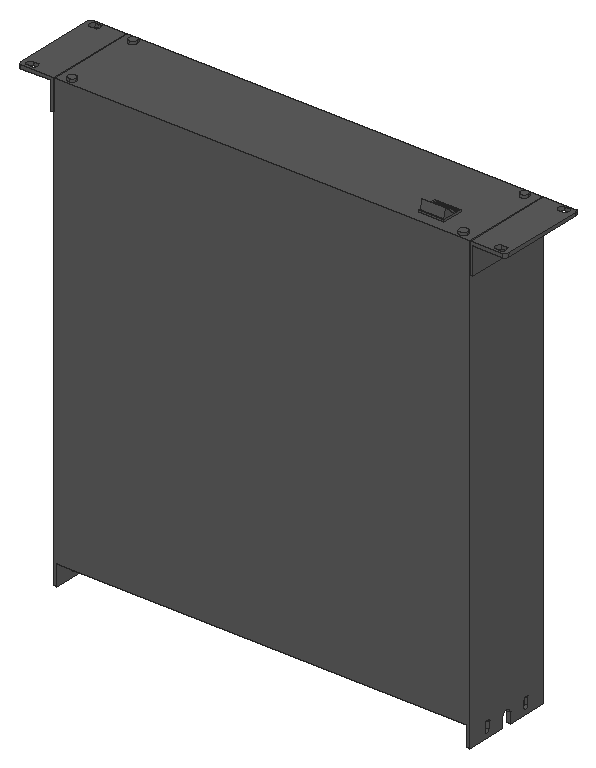
Revit family "Electronics_Commercial-Audio_Biamp_Bridgeable-Power-Amplifier_PA240BP", category Communication Devices, host Face, Revit 2020
Family settings
  Host = Face
  Maintain Annotation Orientation = No
  Round Connector Dimension = Use Diameter
  Part Type = Normal
  OmniClass Number = 23.85.10.11.14.14.17
  OmniClass Title = Sound Amplifiers
  Cut with Voids When Loaded = No
  Shared = No
  Room Calculation Point = No
Parameters (values of type "PA2240BP")
  Width = 483.000 mm  # constant formula
  Weight = 24.10 kgf  # constant formula
  Voltage = 240 V
  Version = 1
  URL = "https://www.biamp.com/"
  Rotation Angle [instance] = if(Installation Type = Installation Type 1, 90.00°, 0.00°)  # 90.00°
  Product data url = "https://bimobject.com/biamp/product/pa2240bp_commercial-audio-power-amplifier"
  Product Page URL = "https://www.biamp.com/products/product-families/commercial-audio/power-amplifiers#pa2240bp"
  Product Documentation Link = "https://downloads.biamp.com/assets/docs/default-source/data-sheets/biamp_data_sheet_pa2240bp_aug20.pdf"
  Power Factor = 1
  Origin offset [instance] = if(Brackets Visibility, 0.000 mm, 232.096 mm)  # 0.000 mm
  Origin Depth Offset [instance] = if(Brackets Visibility, 12.302 mm, 4.041 mm)  # 12.302 mm
  Offset [instance] = if(Installation Type = Installation Type 1, 0.937 mm, 0.000 mm)  # 0.937 mm
  Number of Poles = 1
  Model = "PA2240BP"  # constant formula
  Max Power Consumption = 1050 W
  Manufacturer = "Biamp"  # constant formula
  Installation Type 2 = Surface mounting : Surface mounting
  Installation Type 1 = Rack mounting : Rack mounting
  Installation Type [instance] = Rack mounting : Rack mounting
  Housing Material = Biamp - Metal - Black
  Height = 90.000 mm  # constant formula
  Description = "PA2240BP 2-Channel Bridgeable Power Amplifier"  # constant formula
  Depth = 430.000 mm  # constant formula
  Default Elevation = 1219.200 mm
  Date Updated = ""
  Date Created = "2023/08/21"
  Connector Description = "Power supply"  # constant formula
  Brackets Visibility [instance] = Installation Type = Installation Type 1  # yes
  Apparent Load = Max Power Consumption / Power Factor  # 1050 VA
Reference planes
  plane 1 "Center (Front/Back)": y = 0.937
  plane 2: z = 0
  plane 3 "Center (Left/Right)": x = 0
  plane 4: y = 7.088
  plane 5: x = 0
  plane 6: z = 0.937
  plane 7: y = -5.214
Lines and regions (mm)
  reference lines
    curve 1: line (0, 0.937, 0.937) -> (0, 0.937, -170.513)
Dimensions and locks
  "Offset": plane 6 to level
  "Origin offset": plane 3 "Center (Left/Right)" to plane 5
  locked: plane 7 to plane 1 "Center (Front/Back)" at 6.151
  "Origin Depth Offset": plane 4 to plane 7
  "Rotation Angle": angle plane 6 to curve 1
  aligned and locked: plane 2 to host face
  aligned and locked: level to host face
  aligned and locked: plane 1 "Center (Front/Back)" to curve 1
  aligned and locked: plane 6 to curve 1
Automatic sketch dimensions
  host sketch curve to host sketch curve = 2438.400 mm  (x2)
Nested families
  nested 1: "Rack mounting" at (232.096, 0.937, -211.953) x (1, 0, 0) z (0, 1, 0), Brackets Visibility <- "Brackets Visibility", Housing Material <- "Housing Material", type "Rack mounting"
    with Housing Material Biamp - Metal - Black, Brackets Visibility yes
Connectors
  electrical at (321.942, 32.192, -410.406), driven by "Power Factor", driven by "Apparent Load", driven by "Voltage", driven by "Number of Poles", driven by "Connector Description"
    settings: on nested 1, index 6, voltage 240 V, apparent load 0 VA, apparent load phase1 1050 VA, apparent load phase2 0 VA, apparent load phase3 0 VA, power factor 1, load classification "Power", number of poles 1, system type 31, power factor state 1, is connector primary yes, connector utility no, sub classification motor no, connector description "Power supply"
  electrical at (264.24, 65.462, -432.64)
    settings: on nested 1, index 7, voltage 0 V, apparent load 0 VA, apparent load phase1 0 VA, apparent load phase2 0 VA, apparent load phase3 0 VA, power factor 1, load classification "Other", number of poles 1, system type 5, power factor state 1, is connector primary no, connector utility no, sub classification motor no, connector description "Speaker output"
  electrical at (264.24, 20.462, -432.64)
    settings: on nested 1, index 8, voltage 0 V, apparent load 0 VA, apparent load phase1 0 VA, apparent load phase2 0 VA, apparent load phase3 0 VA, power factor 1, load classification "Other", number of poles 1, system type 5, power factor state 1, is connector primary no, connector utility no, sub classification motor no, connector description "Speaker output"
  electrical at (211.507, 20.462, -432.64)
    settings: on nested 1, index 9, voltage 0 V, apparent load 0 VA, apparent load phase1 0 VA, apparent load phase2 0 VA, apparent load phase3 0 VA, power factor 1, load classification "Other", number of poles 1, system type 5, power factor state 1, is connector primary no, connector utility no, sub classification motor no, connector description "Priority control connector"
  electrical at (211.507, 65.462, -432.64)
    settings: on nested 1, index 10, voltage 0 V, apparent load 0 VA, apparent load phase1 0 VA, apparent load phase2 0 VA, apparent load phase3 0 VA, power factor 1, load classification "Other", number of poles 1, system type 5, power factor state 1, is connector primary no, connector utility no, sub classification motor no, connector description "Priority control connector"
  electrical at (281.798, 65.462, -432.64)
    settings: on nested 1, index 11, voltage 0 V, apparent load 0 VA, apparent load phase1 0 VA, apparent load phase2 0 VA, apparent load phase3 0 VA, power factor 1, load classification "Other", number of poles 1, system type 5, power factor state 1, is connector primary no, connector utility no, sub classification motor no, connector description "24V DC Back-Up Power"
  electrical at (281.798, 20.462, -432.64)
    settings: on nested 1, index 12, voltage 0 V, apparent load 0 VA, apparent load phase1 0 VA, apparent load phase2 0 VA, apparent load phase3 0 VA, power factor 1, load classification "Other", number of poles 1, system type 5, power factor state 1, is connector primary no, connector utility no, sub classification motor no, connector description "24V DC Back-Up Power"
Definition of nested family "Rack mounting"
  Parameters (values of type "Rack mounting")
    Housing Material [instance] = none
    Default Elevation = 1219.200 mm
    Brackets Visibility [instance] = yes
  Reference planes
    plane 1 "Center (Front/Back)": y = 0
    plane 2: z = 0
    plane 3 "Center (Left/Right)": x = 0
    plane 4: x = -232.096
    plane 5: z = 6.151
  Forms (mm)
    Extrusion 1, solid
      sketch origin (0, 0, 0) x (1, 0, 0) y (0, 1, 0)
        loop
          line (-1219.2, 1219.2) -> (-1219.2, -1219.2) -> (1219.2, -1219.2) -> (1219.2, 1219.2) -> (-1219.2, 1219.2)
      from 0 to -304.8
    Extrusion 2, solid, material <- "Housing Material"
      sketch origin (0, 0, 0) x (1, 0, 0) y (0, 1, 0)
        loop
          line (-206, 215) -> (-206, -215) -> (206, -215) -> (206, 215) -> (-206, 215)
      from 0 to 90
    Extrusion 3, void
      sketch origin (6.716, 55.54, 62.226) x (-1, 0, 0) y (0, 0, -1)
        loop
          line (-75.573, 21.947) -> (-70.74, 26.78) -> (-70.74, 36.312)
          arc (-70.74, 36.312) -> (-71.238, 37.871) -> (-72.549, 38.851) r 2.685
          line (-72.549, 38.851) -> (-93.71, 38.851)
          arc (-93.71, 38.851) -> (-95.021, 37.871) -> (-95.519, 36.312) r 2.685
          line (-95.519, 36.312) -> (-95.519, 26.772) -> (-90.695, 21.947) -> (-75.573, 21.947)
      from -159.46 to -142.913
    Extrusion 4, solid, material <- "Housing Material", visible <- "Brackets Visibility"
      sketch origin (0, -35.938, 0) x (1, 0, 0) y (0, 1, 0)
        loop
          line (-206, -179.063) -> (-206, -174.063) -> (-206, -149.063) -> (-209.048, -149.063) -> (-209.048, -176.015) -> (-241.5, -176.015) -> (-241.5, -179.063) -> (-206, -179.063)
        loop
          line (206, -179.063) -> (241.5, -179.063) -> (241.5, -176.015) -> (209.048, -176.015) -> (209.048, -149.063) -> (206, -149.063) -> (206, -174.063) -> (206, -179.063)
      from 0 to 90
    Extrusion 5, void
      sketch origin (0, 0, 0) x (1, 0, 0) y (0, 0, 1)
        loop
          arc (-228.992, 2.317) -> (-226.694, 6.151) -> (-228.992, 9.985) r 4.347
          line (-228.992, 9.985) -> (-235.2, 9.985)
          arc (-235.2, 9.985) -> (-237.498, 6.151) -> (-235.2, 2.317) r 4.347
          line (-235.2, 2.317) -> (-228.992, 2.317)
        loop
          line (228.992, 2.317) -> (235.2, 2.317)
          arc (235.2, 2.317) -> (237.498, 6.151) -> (235.2, 9.985) r 4.347
          line (235.2, 9.985) -> (228.992, 9.985)
          arc (228.992, 9.985) -> (226.694, 6.151) -> (228.992, 2.317) r 4.347
        loop
          line (-241.5, 0) -> (-238.823, 0)
          spline (-238.823, 0) -> (-239.169, 0.126) -> (-239.492, 0.285) -> (-239.793, 0.477) -> (-240.072, 0.702) -> (-240.328, 0.96) -> (-240.562, 1.252) -> (-240.774, 1.577) -> (-240.964, 1.935) -> (-241.131, 2.326) -> (-241.277, 2.751) -> (-241.399, 3.208) -> (-241.5, 3.699)
          line (-241.5, 3.699) -> (-241.5, 0)
        loop
          line (241.5, 0) -> (241.5, 3.699)
          spline (241.5, 3.699) -> (241.399, 3.208) -> (241.277, 2.751) -> (241.131, 2.326) -> (240.964, 1.935) -> (240.774, 1.577) -> (240.562, 1.252) -> (240.328, 0.96) -> (240.072, 0.702) -> (239.793, 0.477) -> (239.492, 0.285) -> (239.169, 0.126) -> (238.823, 0)
          line (238.823, 0) -> (241.5, 0)
        loop
          line (-228.992, 87.683) -> (-235.2, 87.683)
          arc (-235.2, 87.683) -> (-237.498, 83.849) -> (-235.2, 80.015) r 4.347
          line (-235.2, 80.015) -> (-228.992, 80.015)
          arc (-228.992, 80.015) -> (-226.694, 83.849) -> (-228.992, 87.683) r 4.347
        loop
          arc (228.992, 87.683) -> (226.694, 83.849) -> (228.992, 80.015) r 4.347
          line (228.992, 80.015) -> (235.2, 80.015)
          arc (235.2, 80.015) -> (237.498, 83.849) -> (235.2, 87.683) r 4.347
          line (235.2, 87.683) -> (228.992, 87.683)
        loop
          line (-241.5, 90) -> (-241.5, 86.301)
          spline (-241.5, 86.301) -> (-241.399, 86.792) -> (-241.277, 87.249) -> (-241.131, 87.674) -> (-240.964, 88.065) -> (-240.774, 88.423) -> (-240.562, 88.748) -> (-240.328, 89.04) -> (-240.072, 89.298) -> (-239.793, 89.523) -> (-239.492, 89.715) -> (-239.169, 89.874) -> (-238.823, 90)
          line (-238.823, 90) -> (-241.5, 90)
        loop
          line (241.5, 90) -> (238.823, 90)
          spline (238.823, 90) -> (239.169, 89.874) -> (239.492, 89.715) -> (239.793, 89.523) -> (240.072, 89.298) -> (240.328, 89.04) -> (240.562, 88.748) -> (240.774, 88.423) -> (240.964, 88.065) -> (241.131, 87.674) -> (241.277, 87.249) -> (241.399, 86.792) -> (241.5, 86.301)
          line (241.5, 86.301) -> (241.5, 90)
      from 211.952 to 215
    Extrusion 6, solid, material <- "Housing Material", detail levels medium+fine
      sketch origin (-222.374, 0, -18.899) x (1, 0, 0) y (0, 0, 1)
        loop
          circle (28.556, 26.011) r 4
        loop
          circle (416.192, 26.011) r 4
        loop
          circle (28.556, 101.787) r 4
        loop
          circle (416.192, 101.787) r 4
      from 215 to 217
    Extrusion 7, void
      sketch origin (0, 0, 0) x (0, 1, 0) y (0, 0, 1)
        loop
          line (235, 50) -> (224.917, 50)
          arc (224.917, 50) -> (219.917, 45) -> (224.917, 40) r 5
          line (224.917, 40) -> (235, 40) -> (235, 50)
        loop
          line (228.155, 72.187) -> (221.845, 72.187)
          arc (221.845, 72.187) -> (218.717, 69.059) -> (221.845, 65.93) r 3.129
          line (221.845, 65.93) -> (228.155, 65.93)
          arc (228.155, 65.93) -> (231.283, 69.059) -> (228.155, 72.187) r 3.129
        loop
          arc (228.155, 17.813) -> (231.283, 20.941) -> (228.155, 24.07) r 3.129
          line (228.155, 24.07) -> (221.845, 24.07)
          arc (221.845, 24.07) -> (218.717, 20.941) -> (221.845, 17.813) r 3.129
          line (221.845, 17.813) -> (228.155, 17.813)
      from -206 to 206
    Extrusion 8, solid
      sketch origin (-338.014, 275, 484.606) x (0, 1, 0) y (0, 0, 1)
        loop
          line (-60, -426.334) -> (-54.313, -426.334) -> (-54.313, -413.827) -> (-59.063, -413.827) -> (-59.063, -421.334) -> (-60, -421.334) -> (-60, -426.334)
        loop
          line (-60, -471.334) -> (-54.313, -471.334) -> (-54.313, -458.827) -> (-59.063, -458.827) -> (-59.063, -466.334) -> (-60, -466.334) -> (-60, -471.334)
      from 355.982 to 384.335
    Extrusion 9, solid
      sketch origin (-390.514, 275, 484.606) x (0, 1, 0) y (0, 0, 1)
        loop
          line (-60, -426.334) -> (-54.313, -426.334) -> (-54.313, -413.827) -> (-59.063, -413.827) -> (-59.063, -421.334) -> (-60, -421.334) -> (-60, -426.334)
        loop
          line (-60, -471.334) -> (-54.313, -471.334) -> (-54.313, -458.827) -> (-59.063, -458.827) -> (-59.063, -466.334) -> (-60, -466.334) -> (-60, -471.334)
      from 347.935 to 391.915
    Extrusion 10, solid, material <- "Housing Material", detail levels medium+fine
      sketch origin (-221.124, 0, -18.899) x (1, 0, 0) y (0, 0, 1)
        loop
          circle (170.202, 82.954) r 4
        loop
          circle (285.196, 78.886) r 5
        loop
          circle (155.202, 82.954) r 4
        loop
          circle (140.202, 82.954) r 4
        loop
          circle (125.202, 82.954) r 4
        loop
          circle (170.202, 37.954) r 4
        loop
          circle (155.202, 37.954) r 4
        loop
          circle (140.202, 37.954) r 4
        loop
          circle (125.202, 37.954) r 4
      from -219.078 to -215
    Extrusion 11, solid, material <- "Housing Material", detail levels medium+fine
      sketch origin (-222.374, 0, -18.899) x (1, 0, 0) y (0, 0, 1)
        loop
          line (319.595, 88.118) -> (304.595, 88.118) -> (304.595, 81.211) -> (319.595, 81.211) -> (319.595, 88.118)
      from -220.688 to -215
    Sweep 12, solid, detail levels medium+fine
      path in 3D
        loop
          line (147.694, -216, 12.11) -> (170.694, -216, 12.11) -> (170.694, -216, 30.11) -> (147.694, -216, 30.11) -> (147.694, -216, 12.11)
      profile origin (147.694, -216, 21.11) x (-1, 0, 0) y (0, -1, 0)
        loop
          line (0, 0) -> (-1, 0) -> (-1, -1) -> (1, -1) -> (1, 1) -> (0, 1) -> (0, 0)
    Extrusion 13, solid, detail levels medium+fine
      sketch origin (61.194, -38.813, 15.186) x (0, 0, -1) y (0, -1, 0)
        loop
          line (3.076, 177.187) -> (1.339, 187.036)
          arc (1.339, 187.036) -> (-6.145, 181.043) -> (-14.924, 177.187) r 36.803
          line (-14.924, 177.187) -> (3.076, 177.187)
      from -109.5 to -86.5
    Extrusion 14, solid, material <- "Housing Material"
      sketch origin (0, -35.938, 0) x (1, 0, 0) y (0, 1, 0)
        loop
          line (-206, 250.937) -> (-202.815, 250.937) -> (-202.815, 270.937) -> (-206, 270.937) -> (-206, 250.937)
        loop
          line (206, 250.937) -> (206, 270.937) -> (202.815, 270.937) -> (202.815, 250.937) -> (206, 250.937)
      from 0 to 90
    Extrusion 15, solid
      sketch origin (-338.014, 275, 484.606) x (0, 1, 0) y (0, 0, 1)
        loop
          line (-60, -426.334) -> (-54.313, -426.334) -> (-54.313, -413.827) -> (-59.063, -413.827) -> (-59.063, -421.334) -> (-60, -421.334) -> (-60, -426.334)
        loop
          line (-60, -471.334) -> (-54.313, -471.334) -> (-54.313, -458.827) -> (-59.063, -458.827) -> (-59.063, -466.334) -> (-60, -466.334) -> (-60, -471.334)
      from 384.335 to 391.098
  Cuts and joins
    Extrusion 3 cuts Extrusion 2
    Extrusion 7 cuts Extrusion 14
    joined: Extrusion 2, Extrusion 14
    Extrusion 5, Extrusion 7 cuts Extrusion 4
  Lines and regions (mm)
    Masking region 1
      outline origin (0, 0, 0) x (1, 0, 0) y (0, 1, 0)
        loop
          line (-206, 235) -> (-206, -215) -> (206, -215) -> (206, 235) -> (202.815, 235) -> (202.815, 215) -> (-202.815, 215) -> (-202.815, 235) -> (-206, 235)
    Masking region 2, visible <- "Brackets Visibility"
      outline origin (0, 0, 0) x (1, 0, 0) y (0, 1, 0)
        loop
          line (-206, -185) -> (-209.048, -185) -> (-209.048, -211.952) -> (-241.5, -211.952) -> (-241.5, -215) -> (-206, -215) -> (-206, -185)
        loop
          line (206, -185) -> (206, -215) -> (241.5, -215) -> (241.5, -211.952) -> (209.048, -211.952) -> (209.048, -185) -> (206, -185)
    Masking region 3
      outline origin (0, 0, 0) x (1, 0, 0) y (0, 0, 1)
        loop
          line (-206, 90) -> (-206, 0) -> (206, 0) -> (206, 90) -> (-206, 90)
    Masking region 4, visible <- "Brackets Visibility"
      outline origin (0, 0, 0) x (1, 0, 0) y (0, 0, 1)
        loop
          line (-206, 90) -> (-238.823, 90)
          spline (-238.823, 90) -> (-239.169, 89.874) -> (-239.492, 89.715) -> (-239.793, 89.523) -> (-240.072, 89.298) -> (-240.328, 89.04) -> (-240.562, 88.748) -> (-240.774, 88.423) -> (-240.964, 88.065) -> (-241.131, 87.674) -> (-241.277, 87.249) -> (-241.399, 86.792) -> (-241.5, 86.301)
          line (-241.5, 86.301) -> (-241.5, 3.699)
          spline (-241.5, 3.699) -> (-241.399, 3.208) -> (-241.277, 2.751) -> (-241.131, 2.326) -> (-240.964, 1.935) -> (-240.774, 1.577) -> (-240.562, 1.252) -> (-240.328, 0.96) -> (-240.072, 0.702) -> (-239.793, 0.477) -> (-239.492, 0.285) -> (-239.169, 0.126) -> (-238.823, 0)
          line (-238.823, 0) -> (-206, 0) -> (-206, 90)
        loop
          line (238.823, 90) -> (206, 90) -> (206, 0) -> (238.823, 0)
          spline (238.823, 0) -> (239.169, 0.126) -> (239.492, 0.285) -> (239.793, 0.477) -> (240.072, 0.702) -> (240.328, 0.96) -> (240.562, 1.252) -> (240.774, 1.577) -> (240.964, 1.935) -> (241.131, 2.326) -> (241.277, 2.751) -> (241.399, 3.208) -> (241.5, 3.699)
          line (241.5, 3.699) -> (241.5, 86.301)
          spline (241.5, 86.301) -> (241.399, 86.792) -> (241.277, 87.249) -> (241.131, 87.674) -> (240.964, 88.065) -> (240.774, 88.423) -> (240.562, 88.748) -> (240.328, 89.04) -> (240.072, 89.298) -> (239.793, 89.523) -> (239.492, 89.715) -> (239.169, 89.874) -> (238.823, 90)
        loop
          arc (235.2, 80.015) -> (237.498, 83.849) -> (235.2, 87.683) r 4.347
          line (235.2, 87.683) -> (228.992, 87.683)
          arc (228.992, 87.683) -> (226.694, 83.849) -> (228.992, 80.015) r 4.347
          line (228.992, 80.015) -> (235.2, 80.015)
        loop
          arc (228.992, 9.985) -> (226.694, 6.151) -> (228.992, 2.317) r 4.347
          line (228.992, 2.317) -> (235.2, 2.317)
          arc (235.2, 2.317) -> (237.498, 6.151) -> (235.2, 9.985) r 4.347
          line (235.2, 9.985) -> (228.992, 9.985)
        loop
          arc (-235.2, 9.985) -> (-237.498, 6.151) -> (-235.2, 2.317) r 4.347
          line (-235.2, 2.317) -> (-228.992, 2.317)
          arc (-228.992, 2.317) -> (-226.694, 6.151) -> (-228.992, 9.985) r 4.347
          line (-228.992, 9.985) -> (-235.2, 9.985)
        loop
          line (-235.2, 80.015) -> (-228.992, 80.015)
          arc (-228.992, 80.015) -> (-226.694, 83.849) -> (-228.992, 87.683) r 4.347
          line (-228.992, 87.683) -> (-235.2, 87.683)
          arc (-235.2, 87.683) -> (-237.498, 83.849) -> (-235.2, 80.015) r 4.347
    symbolic lines, detail levels medium+fine
      curve 1: arc (-197.818, 0, 82.888) -> (-193.818, 0, 78.888) -> (-189.818, 0, 82.888) r 4
      curve 2: arc (-189.818, 0, 82.888) -> (-193.818, 0, 86.888) -> (-197.818, 0, 82.888) r 4
      curve 3: arc (-197.818, 0, 7.112) -> (-193.818, 0, 3.112) -> (-189.818, 0, 7.112) r 4
      curve 4: arc (-189.818, 0, 7.112) -> (-193.818, 0, 11.112) -> (-197.818, 0, 7.112) r 4
      curve 5: line (171.694, 0, 11.11) -> (171.694, 0, 31.11)
      curve 6: line (171.694, 0, 31.11) -> (146.694, 0, 31.11)
      curve 7: line (146.694, 0, 31.11) -> (146.694, 0, 11.11)
      curve 8: line (146.694, 0, 11.11) -> (171.694, 0, 11.11)
      curve 9: line (170.694, 0, 12.11) -> (170.694, 0, 30.11)
      curve 10: line (170.694, 0, 30.11) -> (147.694, 0, 30.11)
      curve 11: line (147.694, 0, 30.11) -> (147.694, 0, 12.11)
      curve 12: line (147.694, 0, 12.11) -> (170.694, 0, 12.11)
      curve 13: arc (189.818, 0, 82.888) -> (193.818, 0, 78.888) -> (197.818, 0, 82.888) r 4
      curve 14: arc (197.818, 0, 82.888) -> (193.818, 0, 86.888) -> (189.818, 0, 82.888) r 4
      curve 15: arc (197.818, 0, 7.112) -> (193.818, 0, 11.112) -> (189.818, 0, 7.112) r 4
      curve 16: arc (189.818, 0, 7.112) -> (193.818, 0, 3.112) -> (197.818, 0, 7.112) r 4
      curve 246: line (-197.818, -215, 0) -> (-197.818, -217, 0)
      curve 247: line (-197.818, -217, 0) -> (-189.818, -217, 0)
      curve 248: line (-189.818, -217, 0) -> (-189.818, -215, 0)
      curve 249: line (146.694, -215, 0) -> (146.694, -217, 0)
      curve 250: line (147.694, -217, 0) -> (147.694, -225.848, 0)
      curve 251: line (147.694, -225.848, 0) -> (170.694, -225.848, 0)
      curve 252: line (170.694, -225.848, 0) -> (170.694, -217, 0)
      curve 253: line (171.694, -217, 0) -> (171.694, -215, 0)
      curve 254: line (189.818, -215, 0) -> (189.818, -217, 0)
      curve 255: line (189.818, -217, 0) -> (197.818, -217, 0)
      curve 256: line (197.818, -217, 0) -> (197.818, -215, 0)
      curve 257: line (-99.922, 219.078, 0) -> (-91.922, 219.078, 0)
      curve 258: line (-91.922, 219.078, 0) -> (-91.922, 215, 0)
      curve 259: line (-99.922, 219.078, 0) -> (-99.922, 215, 0)
      curve 260: line (-84.922, 219.078, 0) -> (-76.922, 219.078, 0)
      curve 261: line (-76.922, 219.078, 0) -> (-76.922, 215, 0)
      curve 262: line (-84.922, 219.078, 0) -> (-84.922, 215, 0)
      curve 263: line (-69.922, 219.078, 0) -> (-61.922, 219.078, 0)
      curve 264: line (-61.922, 219.078, 0) -> (-61.922, 215, 0)
      curve 265: line (-69.922, 219.078, 0) -> (-69.922, 215, 0)
      curve 266: line (-54.922, 219.078, 0) -> (-46.922, 219.078, 0)
      curve 267: line (-46.922, 219.078, 0) -> (-46.922, 215, 0)
      curve 268: line (-54.922, 219.078, 0) -> (-54.922, 215, 0)
      curve 269: line (146.694, -217, 0) -> (171.694, -217, 0)
      curve 270: line (-42.579, 215, 0) -> (-42.579, 220.687, 0)
      curve 271: line (-42.579, 220.687, 0) -> (1.401, 220.687, 0)
      curve 272: line (1.401, 220.687, 0) -> (1.401, 215, 0)
      curve 273: line (1.401, 215.937, 0) -> (-42.579, 215.937, 0)
      curve 274: line (17.968, 215, 0) -> (17.968, 220.687, 0)
      curve 275: line (17.968, 220.687, 0) -> (53.901, 220.687, 0)
      curve 276: line (53.901, 220.687, 0) -> (53.901, 215, 0)
      curve 277: line (53.901, 215.937, 0) -> (17.968, 215.937, 0)
      curve 278: line (59.071, 219.078, 0) -> (69.071, 219.078, 0)
      curve 279: line (69.071, 219.078, 0) -> (69.071, 215, 0)
      curve 280: line (59.071, 219.078, 0) -> (59.071, 215, 0)
      curve 281: line (82.221, 220.687, 0) -> (82.221, 215, 0)
      curve 282: line (82.221, 220.687, 0) -> (97.221, 220.687, 0)
      curve 283: line (97.221, 220.687, 0) -> (97.221, 215, 0)
      curve 284: line (148.694, 0, 29.11) -> (148.694, 0, 13.11)
      curve 285: line (148.694, 0, 13.11) -> (169.694, 0, 13.11)
      curve 286: line (169.694, 0, 13.11) -> (169.694, 0, 29.11)
      curve 287: line (169.694, 0, 29.11) -> (148.694, 0, 29.11)
      curve 288: line (-183.697, 0, 75.497) -> (-153.355, 0, 75.497)
      curve 289: line (-183.697, 0, 72.136) -> (-183.697, 0, 75.497)
      curve 290: line (-153.355, 0, 72.136) -> (-183.697, 0, 72.136)
      curve 291: line (-153.355, 0, 75.497) -> (-153.355, 0, 72.136)
      curve 292: line (-183.697, 0, 70.497) -> (-153.355, 0, 70.497)
      curve 293: line (-183.697, 0, 67.136) -> (-183.697, 0, 70.497)
      curve 294: line (-153.355, 0, 67.136) -> (-183.697, 0, 67.136)
      curve 295: line (-153.355, 0, 70.497) -> (-153.355, 0, 67.136)
      curve 296: line (-183.697, 0, 65.497) -> (-153.355, 0, 65.497)
      curve 297: line (-183.697, 0, 62.136) -> (-183.697, 0, 65.497)
      curve 298: line (-153.355, 0, 62.136) -> (-183.697, 0, 62.136)
      curve 299: line (-153.355, 0, 65.497) -> (-153.355, 0, 62.136)
      curve 300: line (-183.697, 0, 60.497) -> (-153.355, 0, 60.497)
      curve 301: line (-183.697, 0, 57.136) -> (-183.697, 0, 60.497)
      curve 302: line (-153.355, 0, 57.136) -> (-183.697, 0, 57.136)
      curve 303: line (-153.355, 0, 60.497) -> (-153.355, 0, 57.136)
      curve 304: line (-183.697, 0, 55.497) -> (-153.355, 0, 55.497)
      curve 305: line (-183.697, 0, 52.136) -> (-183.697, 0, 55.497)
      curve 306: line (-153.355, 0, 52.136) -> (-183.697, 0, 52.136)
      curve 307: line (-153.355, 0, 55.497) -> (-153.355, 0, 52.136)
      curve 308: line (-143.697, 0, 75.497) -> (-113.355, 0, 75.497)
      curve 309: line (-143.697, 0, 72.136) -> (-143.697, 0, 75.497)
      curve 310: line (-113.355, 0, 72.136) -> (-143.697, 0, 72.136)
      curve 311: line (-113.355, 0, 75.497) -> (-113.355, 0, 72.136)
      curve 312: line (-143.697, 0, 70.497) -> (-113.355, 0, 70.497)
      curve 313: line (-143.697, 0, 67.136) -> (-143.697, 0, 70.497)
      curve 314: line (-113.355, 0, 67.136) -> (-143.697, 0, 67.136)
      curve 315: line (-113.355, 0, 70.497) -> (-113.355, 0, 67.136)
      curve 316: line (-143.697, 0, 65.497) -> (-113.355, 0, 65.497)
      curve 317: line (-143.697, 0, 62.136) -> (-143.697, 0, 65.497)
      curve 318: line (-113.355, 0, 62.136) -> (-143.697, 0, 62.136)
      curve 319: line (-113.355, 0, 65.497) -> (-113.355, 0, 62.136)
      curve 320: line (-143.697, 0, 60.497) -> (-113.355, 0, 60.497)
      curve 321: line (-143.697, 0, 57.136) -> (-143.697, 0, 60.497)
      curve 322: line (-113.355, 0, 57.136) -> (-143.697, 0, 57.136)
      curve 323: line (-113.355, 0, 60.497) -> (-113.355, 0, 57.136)
      curve 324: line (-143.697, 0, 55.497) -> (-113.355, 0, 55.497)
      curve 325: line (-143.697, 0, 52.136) -> (-143.697, 0, 55.497)
      curve 326: line (-113.355, 0, 52.136) -> (-143.697, 0, 52.136)
      curve 327: line (-113.355, 0, 55.497) -> (-113.355, 0, 52.136)
      curve 328: line (-103.697, 0, 75.497) -> (-73.355, 0, 75.497)
      curve 329: line (-103.697, 0, 72.136) -> (-103.697, 0, 75.497)
      curve 330: line (-73.355, 0, 72.136) -> (-103.697, 0, 72.136)
      curve 331: line (-73.355, 0, 75.497) -> (-73.355, 0, 72.136)
      curve 332: line (-103.697, 0, 70.497) -> (-73.355, 0, 70.497)
      curve 333: line (-103.697, 0, 67.136) -> (-103.697, 0, 70.497)
      curve 334: line (-73.355, 0, 67.136) -> (-103.697, 0, 67.136)
      curve 335: line (-73.355, 0, 70.497) -> (-73.355, 0, 67.136)
      curve 336: line (-103.697, 0, 65.497) -> (-73.355, 0, 65.497)
      curve 337: line (-103.697, 0, 62.136) -> (-103.697, 0, 65.497)
      curve 338: line (-73.355, 0, 62.136) -> (-103.697, 0, 62.136)
      curve 339: line (-73.355, 0, 65.497) -> (-73.355, 0, 62.136)
      curve 340: line (-103.697, 0, 60.497) -> (-73.355, 0, 60.497)
      curve 341: line (-103.697, 0, 57.136) -> (-103.697, 0, 60.497)
      curve 342: line (-73.355, 0, 57.136) -> (-103.697, 0, 57.136)
      curve 343: line (-73.355, 0, 60.497) -> (-73.355, 0, 57.136)
      curve 344: line (-103.697, 0, 55.497) -> (-73.355, 0, 55.497)
      curve 345: line (-103.697, 0, 52.136) -> (-103.697, 0, 55.497)
      curve 346: line (-73.355, 0, 52.136) -> (-103.697, 0, 52.136)
      curve 347: line (-73.355, 0, 55.497) -> (-73.355, 0, 52.136)
      curve 348: line (16.954, 0, 75.497) -> (47.296, 0, 75.497)
      curve 349: line (16.954, 0, 72.136) -> (16.954, 0, 75.497)
      curve 350: line (47.296, 0, 72.136) -> (16.954, 0, 72.136)
      curve 351: line (47.296, 0, 75.497) -> (47.296, 0, 72.136)
      curve 352: line (16.954, 0, 70.497) -> (47.296, 0, 70.497)
      curve 353: line (16.954, 0, 67.136) -> (16.954, 0, 70.497)
      curve 354: line (47.296, 0, 67.136) -> (16.954, 0, 67.136)
      curve 355: line (47.296, 0, 70.497) -> (47.296, 0, 67.136)
      curve 356: line (16.954, 0, 65.497) -> (47.296, 0, 65.497)
      curve 357: line (16.954, 0, 62.136) -> (16.954, 0, 65.497)
      curve 358: line (47.296, 0, 62.136) -> (16.954, 0, 62.136)
      curve 359: line (47.296, 0, 65.497) -> (47.296, 0, 62.136)
      curve 360: line (16.954, 0, 60.497) -> (47.296, 0, 60.497)
      curve 361: line (16.954, 0, 57.136) -> (16.954, 0, 60.497)
      curve 362: line (47.296, 0, 57.136) -> (16.954, 0, 57.136)
      curve 363: line (47.296, 0, 60.497) -> (47.296, 0, 57.136)
      curve 364: line (16.954, 0, 55.497) -> (47.296, 0, 55.497)
      curve 365: line (16.954, 0, 52.136) -> (16.954, 0, 55.497)
      curve 366: line (47.296, 0, 52.136) -> (16.954, 0, 52.136)
      curve 367: line (47.296, 0, 55.497) -> (47.296, 0, 52.136)
      curve 368: line (56.954, 0, 75.497) -> (87.296, 0, 75.497)
      curve 369: line (56.954, 0, 72.136) -> (56.954, 0, 75.497)
      curve 370: line (87.296, 0, 72.136) -> (56.954, 0, 72.136)
      curve 371: line (87.296, 0, 75.497) -> (87.296, 0, 72.136)
      curve 372: line (56.954, 0, 70.497) -> (87.296, 0, 70.497)
      curve 373: line (56.954, 0, 67.136) -> (56.954, 0, 70.497)
      curve 374: line (87.296, 0, 67.136) -> (56.954, 0, 67.136)
      curve 375: line (87.296, 0, 70.497) -> (87.296, 0, 67.136)
      curve 376: line (56.954, 0, 65.497) -> (87.296, 0, 65.497)
      curve 377: line (56.954, 0, 62.136) -> (56.954, 0, 65.497)
      curve 378: line (87.296, 0, 62.136) -> (56.954, 0, 62.136)
      curve 379: line (87.296, 0, 65.497) -> (87.296, 0, 62.136)
      curve 380: line (56.954, 0, 60.497) -> (87.296, 0, 60.497)
      curve 381: line (56.954, 0, 57.136) -> (56.954, 0, 60.497)
      curve 382: line (87.296, 0, 57.136) -> (56.954, 0, 57.136)
      curve 383: line (87.296, 0, 60.497) -> (87.296, 0, 57.136)
      curve 384: line (56.954, 0, 55.497) -> (87.296, 0, 55.497)
      curve 385: line (56.954, 0, 52.136) -> (56.954, 0, 55.497)
      curve 386: line (87.296, 0, 52.136) -> (56.954, 0, 52.136)
      curve 387: line (87.296, 0, 55.497) -> (87.296, 0, 52.136)
      curve 388: line (96.954, 0, 75.497) -> (127.296, 0, 75.497)
      curve 389: line (96.954, 0, 72.136) -> (96.954, 0, 75.497)
      curve 390: line (127.296, 0, 72.136) -> (96.954, 0, 72.136)
      curve 391: line (127.296, 0, 75.497) -> (127.296, 0, 72.136)
      curve 392: line (96.954, 0, 70.497) -> (127.296, 0, 70.497)
      curve 393: line (96.954, 0, 67.136) -> (96.954, 0, 70.497)
      curve 394: line (127.296, 0, 67.136) -> (96.954, 0, 67.136)
      curve 395: line (127.296, 0, 70.497) -> (127.296, 0, 67.136)
      curve 396: line (96.954, 0, 65.497) -> (127.296, 0, 65.497)
      curve 397: line (96.954, 0, 62.136) -> (96.954, 0, 65.497)
      curve 398: line (127.296, 0, 62.136) -> (96.954, 0, 62.136)
      curve 399: line (127.296, 0, 65.497) -> (127.296, 0, 62.136)
      curve 400: line (96.954, 0, 60.497) -> (127.296, 0, 60.497)
      curve 401: line (96.954, 0, 57.136) -> (96.954, 0, 60.497)
      curve 402: line (127.296, 0, 57.136) -> (96.954, 0, 57.136)
      curve 403: line (127.296, 0, 60.497) -> (127.296, 0, 57.136)
      curve 404: line (96.954, 0, 55.497) -> (127.296, 0, 55.497)
      curve 405: line (96.954, 0, 52.136) -> (96.954, 0, 55.497)
      curve 406: line (127.296, 0, 52.136) -> (96.954, 0, 52.136)
      curve 407: line (127.296, 0, 55.497) -> (127.296, 0, 52.136)
    model lines, detail levels medium+fine
      curve 17: arc (152.844, 215, 84.69) -> (129.495, 215, 73.249) -> (118.112, 215, 49.871) r 40
      curve 18: arc (123.07, 215, 49.221) -> (133.035, 215, 69.718) -> (153.507, 215, 79.734) r 35
      curve 19: arc (118.112, 215, 49.871) -> (120.306, 215, 47.371) -> (123.07, 215, 49.221) r 2.521
      curve 20: arc (152.844, 215, 84.69) -> (155.344, 215, 82.502) -> (153.507, 215, 79.734) r 2.522
      curve 21: arc (162.785, 215, 84.69) -> (186.134, 215, 73.249) -> (197.517, 215, 49.871) r 40
      curve 22: arc (192.559, 215, 49.221) -> (182.594, 215, 69.718) -> (162.123, 215, 79.734) r 35
      curve 23: arc (197.517, 215, 49.871) -> (195.323, 215, 47.371) -> (192.559, 215, 49.221) r 2.521
      curve 24: arc (162.785, 215, 84.69) -> (160.285, 215, 82.502) -> (162.123, 215, 79.734) r 2.522
      curve 25: arc (152.844, 215, 5.31) -> (129.495, 215, 16.751) -> (118.112, 215, 40.129) r 40
      curve 26: arc (123.07, 215, 40.779) -> (133.035, 215, 20.282) -> (153.507, 215, 10.266) r 35
      curve 27: arc (118.112, 215, 40.129) -> (120.306, 215, 42.629) -> (123.07, 215, 40.779) r 2.521
      curve 28: arc (152.844, 215, 5.31) -> (155.344, 215, 7.498) -> (153.507, 215, 10.266) r 2.522
      curve 29: arc (162.785, 215, 5.31) -> (186.134, 215, 16.751) -> (197.517, 215, 40.129) r 40
      curve 30: arc (192.559, 215, 40.779) -> (182.594, 215, 20.282) -> (162.123, 215, 10.266) r 35
      curve 31: arc (197.517, 215, 40.129) -> (195.323, 215, 42.629) -> (192.559, 215, 40.779) r 2.521
      curve 32: arc (162.785, 215, 5.31) -> (160.285, 215, 7.498) -> (162.123, 215, 10.266) r 2.522
      curve 33: arc (152.949, 215, 74.603) -> (136.481, 215, 66.093) -> (128.159, 215, 49.529) r 30
      curve 34: arc (153.76, 215, 69.669) -> (140.013, 215, 62.552) -> (133.091, 215, 48.706) r 25
      curve 35: arc (128.159, 215, 49.529) -> (130.276, 215, 47.029) -> (133.091, 215, 48.706) r 2.535
      curve 36: arc (152.949, 215, 74.603) -> (155.822, 215, 72.541) -> (153.76, 215, 69.669) r 2.5
      curve 37: arc (162.68, 215, 74.603) -> (179.148, 215, 66.093) -> (187.471, 215, 49.529) r 30
      curve 38: arc (161.869, 215, 69.669) -> (175.617, 215, 62.552) -> (182.538, 215, 48.706) r 25
      curve 39: arc (187.471, 215, 49.529) -> (185.353, 215, 47.029) -> (182.538, 215, 48.706) r 2.535
      curve 40: arc (162.68, 215, 74.603) -> (159.808, 215, 72.541) -> (161.869, 215, 69.669) r 2.5
      curve 41: arc (152.949, 215, 15.397) -> (136.481, 215, 23.907) -> (128.159, 215, 40.471) r 30
      curve 42: arc (153.76, 215, 20.331) -> (140.013, 215, 27.448) -> (133.091, 215, 41.294) r 25
      curve 43: arc (128.159, 215, 40.471) -> (130.276, 215, 42.971) -> (133.091, 215, 41.294) r 2.535
      curve 44: arc (152.949, 215, 15.397) -> (155.822, 215, 17.459) -> (153.76, 215, 20.331) r 2.5
      curve 45: arc (162.68, 215, 15.397) -> (179.148, 215, 23.907) -> (187.471, 215, 40.471) r 30
      curve 46: arc (161.869, 215, 20.331) -> (175.617, 215, 27.448) -> (182.538, 215, 41.294) r 25
      curve 47: arc (187.471, 215, 40.471) -> (185.353, 215, 42.971) -> (182.538, 215, 41.294) r 2.535
      curve 48: arc (162.68, 215, 15.397) -> (159.808, 215, 17.459) -> (161.869, 215, 20.331) r 2.5
      curve 49: arc (153.063, 215, 64.427) -> (143.586, 215, 59.055) -> (138.33, 215, 49.512) r 20
      curve 50: arc (154.251, 215, 59.57) -> (147.143, 215, 55.541) -> (143.201, 215, 48.384) r 15
      curve 51: arc (153.063, 215, 64.427) -> (156.085, 215, 62.593) -> (154.251, 215, 59.57) r 2.5
      curve 52: arc (138.33, 215, 49.512) -> (140.202, 215, 46.513) -> (143.201, 215, 48.384) r 2.5
      curve 53: arc (162.566, 215, 64.427) -> (172.044, 215, 59.055) -> (177.299, 215, 49.512) r 20
      curve 54: arc (161.378, 215, 59.57) -> (168.486, 215, 55.541) -> (172.428, 215, 48.384) r 15
      curve 55: arc (162.566, 215, 64.427) -> (159.544, 215, 62.593) -> (161.378, 215, 59.57) r 2.5
      curve 56: arc (177.299, 215, 49.512) -> (175.427, 215, 46.513) -> (172.428, 215, 48.384) r 2.5
      curve 57: arc (153.063, 215, 25.573) -> (143.586, 215, 30.945) -> (138.33, 215, 40.488) r 20
      curve 58: arc (154.251, 215, 30.43) -> (147.143, 215, 34.459) -> (143.201, 215, 41.616) r 15
      curve 59: arc (153.063, 215, 25.573) -> (156.085, 215, 27.407) -> (154.251, 215, 30.43) r 2.5
      curve 60: arc (138.33, 215, 40.488) -> (140.202, 215, 43.487) -> (143.201, 215, 41.616) r 2.5
      curve 61: arc (162.566, 215, 25.573) -> (172.044, 215, 30.945) -> (177.299, 215, 40.488) r 20
      curve 62: arc (161.378, 215, 30.43) -> (168.486, 215, 34.459) -> (172.428, 215, 41.616) r 15
      curve 63: arc (162.566, 215, 25.573) -> (159.544, 215, 27.407) -> (161.378, 215, 30.43) r 2.5
      curve 64: arc (177.299, 215, 40.488) -> (175.427, 215, 43.487) -> (172.428, 215, 41.616) r 2.5
      curve 65: circle (164.468, 215, 49.659) r 2 normal (0, 1, 0)
      curve 66: circle (151.161, 215, 49.659) r 2 normal (0, -1, 0)
      curve 67: circle (164.468, 215, 40.341) r 2 normal (0, -1, 0)
      curve 68: circle (151.161, 215, 40.341) r 2 normal (0, 1, 0)
      curve 69: arc (-152.844, 215, 84.69) -> (-129.495, 215, 73.249) -> (-118.112, 215, 49.871) r 40
      curve 70: arc (-123.07, 215, 49.221) -> (-133.035, 215, 69.718) -> (-153.507, 215, 79.734) r 35
      curve 71: arc (-118.112, 215, 49.871) -> (-120.306, 215, 47.371) -> (-123.07, 215, 49.221) r 2.521
      curve 72: arc (-152.844, 215, 84.69) -> (-155.344, 215, 82.502) -> (-153.507, 215, 79.734) r 2.522
      curve 73: arc (-162.785, 215, 84.69) -> (-186.134, 215, 73.249) -> (-197.517, 215, 49.871) r 40
      curve 74: arc (-192.559, 215, 49.221) -> (-182.594, 215, 69.718) -> (-162.123, 215, 79.734) r 35
      curve 75: arc (-197.517, 215, 49.871) -> (-195.323, 215, 47.371) -> (-192.559, 215, 49.221) r 2.521
      curve 76: arc (-162.785, 215, 84.69) -> (-160.285, 215, 82.502) -> (-162.123, 215, 79.734) r 2.522
      curve 77: arc (-152.844, 215, 5.31) -> (-129.495, 215, 16.751) -> (-118.112, 215, 40.129) r 40
      curve 78: arc (-123.07, 215, 40.779) -> (-133.035, 215, 20.282) -> (-153.507, 215, 10.266) r 35
      curve 79: arc (-118.112, 215, 40.129) -> (-120.306, 215, 42.629) -> (-123.07, 215, 40.779) r 2.521
      curve 80: arc (-152.844, 215, 5.31) -> (-155.344, 215, 7.498) -> (-153.507, 215, 10.266) r 2.522
      curve 81: arc (-162.785, 215, 5.31) -> (-186.134, 215, 16.751) -> (-197.517, 215, 40.129) r 40
      curve 82: arc (-192.559, 215, 40.779) -> (-182.594, 215, 20.282) -> (-162.123, 215, 10.266) r 35
      curve 83: arc (-197.517, 215, 40.129) -> (-195.323, 215, 42.629) -> (-192.559, 215, 40.779) r 2.521
      curve 84: arc (-162.785, 215, 5.31) -> (-160.285, 215, 7.498) -> (-162.123, 215, 10.266) r 2.522
      curve 85: arc (-152.949, 215, 74.603) -> (-136.481, 215, 66.093) -> (-128.159, 215, 49.529) r 30
      curve 86: arc (-153.76, 215, 69.669) -> (-140.013, 215, 62.552) -> (-133.091, 215, 48.706) r 25
      curve 87: arc (-128.159, 215, 49.529) -> (-130.276, 215, 47.029) -> (-133.091, 215, 48.706) r 2.535
      curve 88: arc (-152.949, 215, 74.603) -> (-155.822, 215, 72.541) -> (-153.76, 215, 69.669) r 2.5
      curve 89: arc (-162.68, 215, 74.603) -> (-179.148, 215, 66.093) -> (-187.471, 215, 49.529) r 30
      curve 90: arc (-161.869, 215, 69.669) -> (-175.617, 215, 62.552) -> (-182.538, 215, 48.706) r 25
      curve 91: arc (-187.471, 215, 49.529) -> (-185.353, 215, 47.029) -> (-182.538, 215, 48.706) r 2.535
      curve 92: arc (-162.68, 215, 74.603) -> (-159.808, 215, 72.541) -> (-161.869, 215, 69.669) r 2.5
      curve 93: arc (-152.949, 215, 15.397) -> (-136.481, 215, 23.907) -> (-128.159, 215, 40.471) r 30
      curve 94: arc (-153.76, 215, 20.331) -> (-140.013, 215, 27.448) -> (-133.091, 215, 41.294) r 25
      curve 95: arc (-128.159, 215, 40.471) -> (-130.276, 215, 42.971) -> (-133.091, 215, 41.294) r 2.535
      curve 96: arc (-152.949, 215, 15.397) -> (-155.822, 215, 17.459) -> (-153.76, 215, 20.331) r 2.5
      curve 97: arc (-162.68, 215, 15.397) -> (-179.148, 215, 23.907) -> (-187.471, 215, 40.471) r 30
      curve 98: arc (-161.869, 215, 20.331) -> (-175.617, 215, 27.448) -> (-182.538, 215, 41.294) r 25
      curve 99: arc (-187.471, 215, 40.471) -> (-185.353, 215, 42.971) -> (-182.538, 215, 41.294) r 2.535
      curve 100: arc (-162.68, 215, 15.397) -> (-159.808, 215, 17.459) -> (-161.869, 215, 20.331) r 2.5
      curve 101: arc (-153.063, 215, 64.427) -> (-143.586, 215, 59.055) -> (-138.33, 215, 49.512) r 20
      curve 102: arc (-154.251, 215, 59.57) -> (-147.143, 215, 55.541) -> (-143.201, 215, 48.384) r 15
      curve 103: arc (-153.063, 215, 64.427) -> (-156.085, 215, 62.593) -> (-154.251, 215, 59.57) r 2.5
      curve 104: arc (-138.33, 215, 49.512) -> (-140.202, 215, 46.513) -> (-143.201, 215, 48.384) r 2.5
      curve 105: arc (-162.566, 215, 64.427) -> (-172.044, 215, 59.055) -> (-177.299, 215, 49.512) r 20
      curve 106: arc (-161.378, 215, 59.57) -> (-168.486, 215, 55.541) -> (-172.428, 215, 48.384) r 15
      curve 107: arc (-162.566, 215, 64.427) -> (-159.544, 215, 62.593) -> (-161.378, 215, 59.57) r 2.5
      curve 108: arc (-177.299, 215, 49.512) -> (-175.427, 215, 46.513) -> (-172.428, 215, 48.384) r 2.5
      curve 109: arc (-153.063, 215, 25.573) -> (-143.586, 215, 30.945) -> (-138.33, 215, 40.488) r 20
      curve 110: arc (-154.251, 215, 30.43) -> (-147.143, 215, 34.459) -> (-143.201, 215, 41.616) r 15
      curve 111: arc (-153.063, 215, 25.573) -> (-156.085, 215, 27.407) -> (-154.251, 215, 30.43) r 2.5
      curve 112: arc (-138.33, 215, 40.488) -> (-140.202, 215, 43.487) -> (-143.201, 215, 41.616) r 2.5
      curve 113: arc (-162.566, 215, 25.573) -> (-172.044, 215, 30.945) -> (-177.299, 215, 40.488) r 20
      curve 114: arc (-161.378, 215, 30.43) -> (-168.486, 215, 34.459) -> (-172.428, 215, 41.616) r 15
      curve 115: arc (-162.566, 215, 25.573) -> (-159.544, 215, 27.407) -> (-161.378, 215, 30.43) r 2.5
      curve 116: arc (-177.299, 215, 40.488) -> (-175.427, 215, 43.487) -> (-172.428, 215, 41.616) r 2.5
      curve 117: circle (-164.468, 215, 49.659) r 2 normal (0, -1, 0)
      curve 118: circle (-151.161, 215, 49.659) r 2 normal (0, 1, 0)
      curve 119: circle (-164.468, 215, 40.341) r 2 normal (0, 1, 0)
      curve 120: circle (-151.161, 215, 40.341) r 2 normal (0, -1, 0)
      curve 125: line (-183.697, -215, 75.497) -> (-153.355, -215, 75.497)
      curve 126: line (-183.697, -215, 72.136) -> (-183.697, -215, 75.497)
      curve 127: line (-153.355, -215, 72.136) -> (-183.697, -215, 72.136)
      curve 128: line (-153.355, -215, 75.497) -> (-153.355, -215, 72.136)
      curve 129: line (-183.697, -215, 70.497) -> (-153.355, -215, 70.497)
      curve 130: line (-183.697, -215, 67.136) -> (-183.697, -215, 70.497)
      curve 131: line (-153.355, -215, 67.136) -> (-183.697, -215, 67.136)
      curve 132: line (-153.355, -215, 70.497) -> (-153.355, -215, 67.136)
      curve 133: line (-183.697, -215, 65.497) -> (-153.355, -215, 65.497)
      curve 134: line (-183.697, -215, 62.136) -> (-183.697, -215, 65.497)
      curve 135: line (-153.355, -215, 62.136) -> (-183.697, -215, 62.136)
      curve 136: line (-153.355, -215, 65.497) -> (-153.355, -215, 62.136)
      curve 137: line (-183.697, -215, 60.497) -> (-153.355, -215, 60.497)
      curve 138: line (-183.697, -215, 57.136) -> (-183.697, -215, 60.497)
      curve 139: line (-153.355, -215, 57.136) -> (-183.697, -215, 57.136)
      curve 140: line (-153.355, -215, 60.497) -> (-153.355, -215, 57.136)
      curve 141: line (-183.697, -215, 55.497) -> (-153.355, -215, 55.497)
      curve 142: line (-183.697, -215, 52.136) -> (-183.697, -215, 55.497)
      curve 143: line (-153.355, -215, 52.136) -> (-183.697, -215, 52.136)
      curve 144: line (-153.355, -215, 55.497) -> (-153.355, -215, 52.136)
      curve 145: line (-143.697, -215, 75.497) -> (-113.355, -215, 75.497)
      curve 146: line (-143.697, -215, 72.136) -> (-143.697, -215, 75.497)
      curve 147: line (-113.355, -215, 72.136) -> (-143.697, -215, 72.136)
      curve 148: line (-113.355, -215, 75.497) -> (-113.355, -215, 72.136)
      curve 149: line (-143.697, -215, 70.497) -> (-113.355, -215, 70.497)
      curve 150: line (-143.697, -215, 67.136) -> (-143.697, -215, 70.497)
      curve 151: line (-113.355, -215, 67.136) -> (-143.697, -215, 67.136)
      curve 152: line (-113.355, -215, 70.497) -> (-113.355, -215, 67.136)
      curve 153: line (-143.697, -215, 65.497) -> (-113.355, -215, 65.497)
      curve 154: line (-143.697, -215, 62.136) -> (-143.697, -215, 65.497)
      curve 155: line (-113.355, -215, 62.136) -> (-143.697, -215, 62.136)
      curve 156: line (-113.355, -215, 65.497) -> (-113.355, -215, 62.136)
      curve 157: line (-143.697, -215, 60.497) -> (-113.355, -215, 60.497)
      curve 158: line (-143.697, -215, 57.136) -> (-143.697, -215, 60.497)
      curve 159: line (-113.355, -215, 57.136) -> (-143.697, -215, 57.136)
      curve 160: line (-113.355, -215, 60.497) -> (-113.355, -215, 57.136)
      curve 161: line (-143.697, -215, 55.497) -> (-113.355, -215, 55.497)
      curve 162: line (-143.697, -215, 52.136) -> (-143.697, -215, 55.497)
      curve 163: line (-113.355, -215, 52.136) -> (-143.697, -215, 52.136)
      curve 164: line (-113.355, -215, 55.497) -> (-113.355, -215, 52.136)
      curve 165: line (-103.697, -215, 75.497) -> (-73.355, -215, 75.497)
      curve 166: line (-103.697, -215, 72.136) -> (-103.697, -215, 75.497)
      curve 167: line (-73.355, -215, 72.136) -> (-103.697, -215, 72.136)
      curve 168: line (-73.355, -215, 75.497) -> (-73.355, -215, 72.136)
      curve 169: line (-103.697, -215, 70.497) -> (-73.355, -215, 70.497)
      curve 170: line (-103.697, -215, 67.136) -> (-103.697, -215, 70.497)
      curve 171: line (-73.355, -215, 67.136) -> (-103.697, -215, 67.136)
      curve 172: line (-73.355, -215, 70.497) -> (-73.355, -215, 67.136)
      curve 173: line (-103.697, -215, 65.497) -> (-73.355, -215, 65.497)
      curve 174: line (-103.697, -215, 62.136) -> (-103.697, -215, 65.497)
      curve 175: line (-73.355, -215, 62.136) -> (-103.697, -215, 62.136)
      curve 176: line (-73.355, -215, 65.497) -> (-73.355, -215, 62.136)
      curve 177: line (-103.697, -215, 60.497) -> (-73.355, -215, 60.497)
      curve 178: line (-103.697, -215, 57.136) -> (-103.697, -215, 60.497)
      curve 179: line (-73.355, -215, 57.136) -> (-103.697, -215, 57.136)
      curve 180: line (-73.355, -215, 60.497) -> (-73.355, -215, 57.136)
      curve 181: line (-103.697, -215, 55.497) -> (-73.355, -215, 55.497)
      curve 182: line (-103.697, -215, 52.136) -> (-103.697, -215, 55.497)
      curve 183: line (-73.355, -215, 52.136) -> (-103.697, -215, 52.136)
      curve 184: line (-73.355, -215, 55.497) -> (-73.355, -215, 52.136)
      curve 185: line (16.954, -215, 75.497) -> (47.296, -215, 75.497)
      curve 186: line (16.954, -215, 72.136) -> (16.954, -215, 75.497)
      curve 187: line (47.296, -215, 72.136) -> (16.954, -215, 72.136)
      curve 188: line (47.296, -215, 75.497) -> (47.296, -215, 72.136)
      curve 189: line (16.954, -215, 70.497) -> (47.296, -215, 70.497)
      curve 190: line (16.954, -215, 67.136) -> (16.954, -215, 70.497)
      curve 191: line (47.296, -215, 67.136) -> (16.954, -215, 67.136)
      curve 192: line (47.296, -215, 70.497) -> (47.296, -215, 67.136)
      curve 193: line (16.954, -215, 65.497) -> (47.296, -215, 65.497)
      curve 194: line (16.954, -215, 62.136) -> (16.954, -215, 65.497)
      curve 195: line (47.296, -215, 62.136) -> (16.954, -215, 62.136)
      curve 196: line (47.296, -215, 65.497) -> (47.296, -215, 62.136)
      curve 197: line (16.954, -215, 60.497) -> (47.296, -215, 60.497)
      curve 198: line (16.954, -215, 57.136) -> (16.954, -215, 60.497)
      curve 199: line (47.296, -215, 57.136) -> (16.954, -215, 57.136)
      curve 200: line (47.296, -215, 60.497) -> (47.296, -215, 57.136)
      curve 201: line (16.954, -215, 55.497) -> (47.296, -215, 55.497)
      curve 202: line (16.954, -215, 52.136) -> (16.954, -215, 55.497)
      curve 203: line (47.296, -215, 52.136) -> (16.954, -215, 52.136)
      curve 204: line (47.296, -215, 55.497) -> (47.296, -215, 52.136)
      curve 205: line (56.954, -215, 75.497) -> (87.296, -215, 75.497)
      curve 206: line (56.954, -215, 72.136) -> (56.954, -215, 75.497)
      curve 207: line (87.296, -215, 72.136) -> (56.954, -215, 72.136)
      curve 208: line (87.296, -215, 75.497) -> (87.296, -215, 72.136)
      curve 209: line (56.954, -215, 70.497) -> (87.296, -215, 70.497)
      curve 210: line (56.954, -215, 67.136) -> (56.954, -215, 70.497)
      curve 211: line (87.296, -215, 67.136) -> (56.954, -215, 67.136)
      curve 212: line (87.296, -215, 70.497) -> (87.296, -215, 67.136)
      curve 213: line (56.954, -215, 65.497) -> (87.296, -215, 65.497)
      curve 214: line (56.954, -215, 62.136) -> (56.954, -215, 65.497)
      curve 215: line (87.296, -215, 62.136) -> (56.954, -215, 62.136)
      curve 216: line (87.296, -215, 65.497) -> (87.296, -215, 62.136)
      curve 217: line (56.954, -215, 60.497) -> (87.296, -215, 60.497)
      curve 218: line (56.954, -215, 57.136) -> (56.954, -215, 60.497)
      curve 219: line (87.296, -215, 57.136) -> (56.954, -215, 57.136)
      curve 220: line (87.296, -215, 60.497) -> (87.296, -215, 57.136)
      curve 221: line (56.954, -215, 55.497) -> (87.296, -215, 55.497)
      curve 222: line (56.954, -215, 52.136) -> (56.954, -215, 55.497)
      curve 223: line (87.296, -215, 52.136) -> (56.954, -215, 52.136)
      curve 224: line (87.296, -215, 55.497) -> (87.296, -215, 52.136)
      curve 225: line (96.954, -215, 75.497) -> (127.296, -215, 75.497)
      curve 226: line (96.954, -215, 72.136) -> (96.954, -215, 75.497)
      curve 227: line (127.296, -215, 72.136) -> (96.954, -215, 72.136)
      curve 228: line (127.296, -215, 75.497) -> (127.296, -215, 72.136)
      curve 229: line (96.954, -215, 70.497) -> (127.296, -215, 70.497)
      curve 230: line (96.954, -215, 67.136) -> (96.954, -215, 70.497)
      curve 231: line (127.296, -215, 67.136) -> (96.954, -215, 67.136)
      curve 232: line (127.296, -215, 70.497) -> (127.296, -215, 67.136)
      curve 233: line (96.954, -215, 65.497) -> (127.296, -215, 65.497)
      curve 234: line (96.954, -215, 62.136) -> (96.954, -215, 65.497)
      curve 235: line (127.296, -215, 62.136) -> (96.954, -215, 62.136)
      curve 236: line (127.296, -215, 65.497) -> (127.296, -215, 62.136)
      curve 237: line (96.954, -215, 60.497) -> (127.296, -215, 60.497)
      curve 238: line (96.954, -215, 57.136) -> (96.954, -215, 60.497)
      curve 239: line (127.296, -215, 57.136) -> (96.954, -215, 57.136)
      curve 240: line (127.296, -215, 60.497) -> (127.296, -215, 57.136)
      curve 241: line (96.954, -215, 55.497) -> (127.296, -215, 55.497)
      curve 242: line (96.954, -215, 52.136) -> (96.954, -215, 55.497)
      curve 243: line (127.296, -215, 52.136) -> (96.954, -215, 52.136)
      curve 244: line (127.296, -215, 55.497) -> (127.296, -215, 52.136)
    sketch lines
      curve 121: line (147.694, -216, 30.11) -> (147.694, -216, 12.11)
      curve 122: line (147.694, -216, 30.11) -> (170.694, -216, 30.11)
      curve 123: line (170.694, -216, 12.11) -> (170.694, -216, 30.11)
      curve 124: line (147.694, -216, 12.11) -> (170.694, -216, 12.11)
    symbolic lines
      curve 245: line (202.815, 215, 0) -> (-202.815, 215, 0)
  Dimensions and locks
    aligned and locked: plane 2 to Extrusion 1
    aligned and locked: level to Extrusion 1
